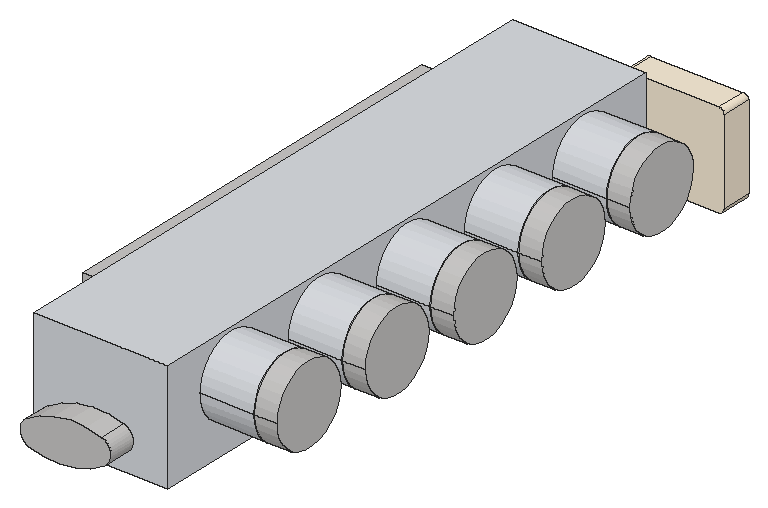
Revit family "HVAC_Ductwork_Airzone_Motorized-Plenum_Toshiba_Low-Profile_5-Dampers", category Mechanical Equipment, Revit 2016
Family settings
  Part Type = Normal
  Round Connector Dimension = Use Diameter
  OmniClass Number = 23.75.70.14
  OmniClass Title = Air Ductwork
  Work Plane-Based = No
  Always vertical = Yes
  Cut with Voids When Loaded = No
  Shared = No
  Room Calculation Point = No
Parameters (values of type "TOSSL01L5")
  Voltage = 230 V
  URL = "www.airzone.es"
  Type Image Comments = "Image available in product documentation download"  # constant formula
  Revit Model Version = "1.0"  # constant formula
  Revit Model Author URL = "www.a3d.es"
  Revit Model Author = "A3D Consulting"  # constant formula
  Product Documentation Download URL = "http://doc.airzone.es/BIM/Easyzone/Toshiba-Airzone_motorized_plenum.zip"
  Product Comments = "Refer to technical documentation for further details"  # constant formula
  Power Factor = 1
  Neck Width = 808.200 mm
  Neck Length = 40.000 mm
  Neck Height = 174.800 mm
  Material = Metal - AIRZONE - Galvanized Sheet - Semi-polished
  Main Control Board Material = Plastic - AIRZONE - Smooth - Off-white
  Load Classification = Other
  Insulated Body Width = 255.000 mm  # constant formula
  Insulated Body Material = Metal -AIRZONE - Insulating Lining -Aluminum Finish
  Insulated Body Length = 1140.000 mm  # constant formula
  Insulated Body Height = 210.000 mm  # constant formula
  Flow [instance] = Damper 5 Air Flow + Damper 4 Air Flow + Damper 3 Air Flow + Damper 2 Air Flow + Damper 1 Air Flow - Fresh Air Inlet 2 Flow - Fresh Air Inlet 1 Flow  # 1500 m³/h
  Fresh Air Inlet 1 Flow [instance] = 0 m³/h
  Fresh Air Inlet 2 Flow [instance] = 0 m³/h
  Fresh Air Inlet Connection Width = 175.000 mm
  Fresh Air Inlet Connection Height = 75.000 mm
  Model = "TOSSL01L5"
  Neck Side Offset = 165.900 mm
  Neck Bottom Offset = 17.600 mm
  Type Image = <None>
  Manufacturer = "AIRZONE"  # constant formula
  Main Control Board Depth = 57.000 mm  # constant formula
  Main Control Board Width = 195.000 mm  # constant formula
  Main Control Board Height = 180.000 mm  # constant formula
  Fixing = ""
  Disclaimer = "All information provided in this model is reviewed before being published. However, Airzone cannot guarantee this model is error-free, therefore users are strongly encouraged to check for technical documentation and updates"  # constant formula
  Description = "Airzone low profile motorized plenum with neck that mechanically adapts to the main ducted AC units of Toshiba."
  Type Comments = ""
  Dampers Length = 149.000 mm  # constant formula
  Dampers Diameter = 150.000 mm  # constant formula
  Damper 5 Air Flow [instance] = 300 m³/h
  Damper 4 Air Flow [instance] = 300 m³/h
  Damper 1 Air Flow [instance] = 300 m³/h
  Damper 2 Air Flow [instance] = 300 m³/h
  Damper 3 Air Flow [instance] = 300 m³/h
  Fresh Air Inlet Connection Offset Height = 48.305 mm  # constant formula
  Compatible Accesories = ""
  Apparent Load = 57.5 VA
Reference planes
  plane 1 "Center (Front/Back)": y = 0
  plane 2 "Center (Elevation)": z = 0
  plane 3 "Center (Left/Right)": x = 0
  plane 4 "Neck Back": y = 404.1
  plane 5 "Neck Front": y = -404.1
  plane 6 "Neck Top": z = 87.4
  plane 7 "Neck Bottom": z = -87.4
  plane 8 "Left": x = 40
  plane 9 "Bottom": z = -105
  plane 10 "Top": z = 105
  plane 11 "Front": y = -570
  plane 12 "Back": y = 570
  plane 13 "Right": x = 295
  plane 14 "Dampers Front": x = 444
  plane 15 "Dampers Center (Elevation)": z = 25
  plane 16 "Damper3": y = 0
  plane 17 "Damper2": y = 210
  plane 18 "Damper1": y = 420
  plane 19 "Middle": y = 0
  plane 20 "FreshAir Center (Elevation)": z = -56.695
  plane 21 "FreshAir1": y = 622.5
  plane 22 "FreshAir2": y = -622.5
  plane 23 "Dampers Lining": x = 399
  plane 24 "FreshAir Vertical Axis": x = 142.04
  plane 25 "ConnectionBox Side": x = 249
  plane 26 "Main Control Board Center (Left/Right)": x = 346.5
  plane 27 "Damper4": y = -210
  plane 28 "Damper5": y = -420
Forms (mm)
  Extrusion 1, solid, material "Metal - AIRZONE - Galvanized Sheet - Semi-polished" <- "Material"
    sketch origin (0, 0, 0) x (0, 1, 0) y (0, 0, 1)
      loop
        line (-404.1, 87.4) -> (-404.1, -87.4) -> (404.1, -87.4) -> (404.1, 87.4) -> (-404.1, 87.4)
    from 0 to 40
  Extrusion 2, solid, material "Metal -AIRZONE - Insulating Lining -Aluminum Finish" <- "Insulated Body Material"
    sketch origin (40, 0, 0) x (0, 1, 0) y (0, 0, 1)
      loop
        line (-570, 105) -> (-570, -105) -> (570, -105) -> (570, 105) -> (-570, 105)
    from 0 to 255
  Extrusion 3, solid, material "Metal - AIRZONE - Galvanized Sheet - Semi-polished" <- "Material"
    sketch origin (295, 0, 0) x (0, 1, 0) y (0, 0, 1)
      loop
        circle (0, 25) r 75
    from 104 to 149
  Extrusion 4, solid, material "Metal - AIRZONE - Galvanized Sheet - Semi-polished" <- "Material"
    sketch origin (295, 0, 0) x (0, 1, 0) y (0, 0, 1)
      loop
        circle (210, 25) r 75
    from 104 to 149
  Extrusion 5, solid, material "Metal - AIRZONE - Galvanized Sheet - Semi-polished" <- "Material"
    sketch origin (295, 0, 0) x (0, 1, 0) y (0, 0, 1)
      loop
        circle (420, 25) r 75
    from 104 to 149
  Extrusion 6, solid, material "Metal - AIRZONE - Galvanized Sheet - Semi-polished" <- "Material"
    sketch origin (0, -570, 0) x (0, 0, 1) y (1, 0, 0)
      loop
        arc (-24.141, 211.414) -> (-45.608, 228.315) -> (-70.312, 216.644) r 25.96
        arc (-70.312, 216.644) -> (-96.302, 146.808) -> (-88.849, 72.666) r 164.67
        arc (-88.849, 72.666) -> (-67.665, 55.799) -> (-42.994, 66.961) r 25.96
        arc (-42.994, 66.961) -> (-16.725, 136.99) -> (-24.141, 211.414) r 164.67
    from 0 to -52.5
  Extrusion 7, solid, material "Metal - AIRZONE - Galvanized Sheet - Semi-polished" <- "Material"
    sketch origin (0, 570, 0) x (0, 0, 1) y (1, 0, 0)
      loop
        arc (-24.141, 211.414) -> (-45.325, 228.281) -> (-69.996, 217.119) r 25.96
        arc (-69.996, 217.119) -> (-96.179, 147.74) -> (-89.267, 73.909) r 164.67
        arc (-89.267, 73.909) -> (-68.032, 55.847) -> (-42.678, 67.436) r 25.96
        arc (-42.678, 67.436) -> (-16.688, 137.272) -> (-24.141, 211.414) r 164.67
    from 0 to 52.5
  Extrusion 8, solid, material "Metal -AIRZONE - Insulating Lining -Aluminum Finish" <- "Insulated Body Material"
    sketch origin (295, 0, 0) x (0, 1, 0) y (0, 0, 1)
      loop
        circle (420, 25) r 75
    from 0 to 104
  Extrusion 9, solid, material "Metal -AIRZONE - Insulating Lining -Aluminum Finish" <- "Insulated Body Material"
    sketch origin (295, -260, 0) x (0, 1, 0) y (0, 0, 1)
      loop
        circle (470, 25) r 75
    from 0 to 104
  Extrusion 10, solid, material "Metal -AIRZONE - Insulating Lining -Aluminum Finish" <- "Insulated Body Material"
    sketch origin (295, -520, 0) x (0, 1, 0) y (0, 0, 1)
      loop
        circle (520, 25) r 75
    from 0 to 104
  Extrusion 11, solid, material "Metal - AIRZONE - Galvanized Sheet - Semi-polished" <- "Material"
    sketch origin (295, -190, 0) x (0, 1, 0) y (0, 0, 1)
      loop
        circle (-20, 25) r 75
    from 104 to 149
  Extrusion 12, solid, material "Metal -AIRZONE - Insulating Lining -Aluminum Finish" <- "Insulated Body Material"
    sketch origin (295, -710, 0) x (0, 1, 0) y (0, 0, 1)
      loop
        circle (500, 25) r 75
    from 0 to 104
  Extrusion 13, solid, material "Metal -AIRZONE - Insulating Lining -Aluminum Finish" <- "Insulated Body Material"
    sketch origin (295, -970, 0) x (0, 1, 0) y (0, 0, 1)
      loop
        circle (550, 25) r 75
    from 0 to 104
  Extrusion 14, solid, material "Metal - AIRZONE - Galvanized Sheet - Semi-polished" <- "Material"
    sketch origin (295, -450, 0) x (0, 1, 0) y (0, 0, 1)
      loop
        circle (30, 25) r 75
    from 104 to 149
Lines and regions (mm)
  Masking region 1
    outline origin (0, 0, 0) x (1, 0, 0) y (0, 1, 0)
      loop
        line (40, 570) -> (40, -570) -> (295, -570) -> (295, 570) -> (40, 570)
  Masking region 2, detail levels medium+fine
    outline origin (0, 0, 0) x (1, 0, 0) y (0, 1, 0)
      loop
        line (0, 404.1) -> (0, -404.1) -> (40, -404.1) -> (40, 404.1) -> (0, 404.1)
  Masking region 3, detail levels medium+fine
    outline origin (0, 0, 0) x (1, 0, 0) y (0, 1, 0)
      loop
        line (295, 75) -> (295, -75) -> (444, -75) -> (444, 75) -> (295, 75)
  Masking region 4, detail levels medium+fine
    outline origin (0, 260, 0) x (1, 0, 0) y (0, 1, 0)
      loop
        line (295, 25) -> (295, -125) -> (444, -125) -> (444, 25) -> (295, 25)
  Masking region 5, detail levels medium+fine
    outline origin (0, 520, 0) x (1, 0, 0) y (0, 1, 0)
      loop
        line (295, -25) -> (295, -175) -> (444, -175) -> (444, -25) -> (295, -25)
  Masking region 6, detail levels medium+fine
    outline origin (0, 0, -56.695) x (1, 0, 0) y (0, 1, 0)
      loop
        line (54.54, 622.5) -> (54.54, 570) -> (229.54, 570) -> (229.54, 622.5) -> (54.54, 622.5)
  Masking region 7, detail levels medium+fine
    outline origin (0, 0, -56.695) x (1, 0, 0) y (0, 1, 0)
      loop
        line (54.54, -570) -> (54.54, -622.5) -> (229.54, -622.5) -> (229.54, -570) -> (54.54, -570)
  Masking region 8, detail levels medium+fine
    outline origin (0, 0, 105) x (0, -1, 0) y (1, 0, 0)
      loop
        line (-627, 249) -> (-570, 249) -> (-570, 444) -> (-627, 444) -> (-627, 249)
  Masking region 9, detail levels medium+fine
    outline origin (0, -190, 0) x (1, 0, 0) y (0, 1, 0)
      loop
        line (295, 55) -> (295, -95) -> (444, -95) -> (444, 55) -> (295, 55)
  Masking region 10, detail levels medium+fine
    outline origin (0, -450, 0) x (1, 0, 0) y (0, 1, 0)
      loop
        line (295, 105) -> (295, -45) -> (444, -45) -> (444, 105) -> (295, 105)
  symbolic lines, detail levels coarse
    curve 1: line (40, -570, 0) -> (295, 0, 0)
    curve 2: line (295, 0, 0) -> (40, 570, 0)
Dimensions and locks
  equal spacing: plane 4 "Neck Back", plane 1 "Center (Front/Back)", plane 5 "Neck Front"
  "Neck Width": plane 4 "Neck Back" to plane 5 "Neck Front"
  equal spacing: plane 6 "Neck Top", level, plane 7 "Neck Bottom"
  "Neck Height": plane 6 "Neck Top" to plane 7 "Neck Bottom"
  "Neck Length": plane 3 "Center (Left/Right)" to plane 8 "Left"
  "Neck Bottom Offset": plane 7 "Neck Bottom" to plane 9 "Bottom"
  "Insulated Body Height": plane 10 "Top" to plane 9 "Bottom"
  "Insulated Body Length": plane 12 "Back" to plane 11 "Front"
  "Insulated Body Width": plane 8 "Left" to plane 13 "Right"
  "Dampers Length": plane 13 "Right" to plane 14 "Dampers Front"
  equal spacing: plane 12 "Back", plane 19 "Middle", plane 11 "Front"
  plane 8 "Left" to plane 13 "Right" = 255.000 mm
  "Fresh Air Inlet Connection Offset Height": plane 20 "FreshAir Center (Elevation)" to plane 9 "Bottom"
  locked: Extrusion 6 sketch curve to plane 9 "Bottom" at 56.47
  locked: Extrusion 6 sketch curve to plane 8 "Left" at 162.52
  locked: Extrusion 6 sketch curve to plane 8 "Left" at 41.56
  locked: Extrusion 6 sketch curve to plane 9 "Bottom" at 40.54
  locked: Extrusion 6 sketch curve to plane 8 "Left" at 118.3
  locked: plane 9 "Bottom" to Extrusion 6 sketch curve at 75.01
  locked: Extrusion 6 sketch curve to plane 8 "Left" at 85.78
  locked: Extrusion 6 sketch curve to plane 9 "Bottom" at 172.02
  locked: Extrusion 7 sketch curve to plane 8 "Left" at 162.52
  locked: Extrusion 7 sketch curve to plane 9 "Bottom" at 56.47
  locked: Extrusion 7 sketch curve to plane 9 "Bottom" at 40.54
  locked: Extrusion 7 sketch curve to plane 8 "Left" at 41.56
  locked: Extrusion 7 sketch curve to plane 8 "Left" at 85.78
  locked: Extrusion 7 sketch curve to plane 9 "Bottom" at 172.02
  locked: plane 9 "Bottom" to Extrusion 7 sketch curve at 75.01
  locked: Extrusion 7 sketch curve to plane 8 "Left" at 118.3
  "Neck Side Offset": plane 12 "Back" to plane 4 "Neck Back"
  locked: plane 21 "FreshAir1" to plane 12 "Back" at 52.5
  plane 11 "Front" to plane 22 "FreshAir2" = 52.500 mm
  locked: plane 24 "FreshAir Vertical Axis" to connector elem
  locked: plane 20 "FreshAir Center (Elevation)" to connector elem
  locked: connector elem to plane 24 "FreshAir Vertical Axis"
  locked: connector elem to plane 20 "FreshAir Center (Elevation)"
  locked: plane 23 "Dampers Lining" to plane 14 "Dampers Front" at 45
  locked: plane 8 "Left" to plane 24 "FreshAir Vertical Axis" at 102.04
  equal spacing: Masking region 3 sketch curve, plane 16 "Damper3", Masking region 3 sketch curve
  "Dampers Diameter": Masking region 3 sketch curve to Masking region 3 sketch curve
  "Dampers Diameter": Masking region 4 sketch curve to Masking region 4 sketch curve
  equal spacing: Masking region 5 sketch curve, plane 18 "Damper1", Masking region 5 sketch curve
  "Dampers Diameter": Masking region 5 sketch curve to Masking region 5 sketch curve
  equal spacing: Masking region 6 sketch curve, plane 24 "FreshAir Vertical Axis", Masking region 6 sketch curve
  "Fresh Air Inlet Connection Width": Masking region 6 sketch curve to Masking region 6 sketch curve
  equal spacing: Masking region 7 sketch curve, plane 24 "FreshAir Vertical Axis", Masking region 7 sketch curve
  "Fresh Air Inlet Connection Width": Masking region 7 sketch curve to Masking region 7 sketch curve
  "Main Control Board Depth": Masking region 8 sketch curve to plane 12 "Back"
  "Main Control Board Width": plane 25 "ConnectionBox Side" to plane 14 "Dampers Front"
  equal spacing: plane 25 "ConnectionBox Side", plane 26 "Main Control Board Center (Left/Right)", plane 14 "Dampers Front"
  locked: nested 1 to plane 10 "Top" at 10
  equal spacing: Masking region 4 sketch curve, plane 17 "Damper2", Masking region 4 sketch curve
  equal spacing: Masking region 9 sketch curve, plane 27 "Damper4", Masking region 9 sketch curve
  "Dampers Diameter": Masking region 9 sketch curve to Masking region 9 sketch curve
  plane 18 "Damper1" to plane 17 "Damper2" to plane 16 "Damper3" to plane 27 "Damper4" to plane 28 "Damper5" = 210.000 mm locked, 210.000 mm locked, 210.000 mm locked, 210.000 mm locked
  locked: plane 19 "Middle" to plane 16 "Damper3"
  equal spacing: Masking region 10 sketch curve, plane 28 "Damper5", Masking region 10 sketch curve
  "Dampers Diameter": Masking region 10 sketch curve to Masking region 10 sketch curve
  locked: plane 10 "Top" to plane 15 "Dampers Center (Elevation)" at 80
  "Dampers Diameter": diameter of Extrusion 3 sketch curve
  "Dampers Diameter": diameter of Extrusion 4 sketch curve
  "Dampers Diameter": diameter of Extrusion 5 sketch curve
  radius of Extrusion 7 sketch curve = 164.670 mm  (x2)
  radius of Extrusion 7 sketch curve = 25.960 mm  (x2)
  radius of Extrusion 6 sketch curve = 164.670 mm  (x2)
  radius of Extrusion 6 sketch curve = 25.960 mm  (x2)
  "Dampers Diameter": diameter of Extrusion 8 sketch curve
  "Dampers Diameter": diameter of Extrusion 9 sketch curve
  "Dampers Diameter": diameter of Extrusion 10 sketch curve
  "Dampers Diameter": diameter of Extrusion 11 sketch curve
  "Dampers Diameter": diameter of Extrusion 12 sketch curve
  "Dampers Diameter": diameter of Extrusion 13 sketch curve
  "Dampers Diameter": diameter of Extrusion 14 sketch curve
  aligned and locked: level to plane 2 "Center (Elevation)"
  aligned and locked: plane 5 "Neck Front" to Extrusion 1 sketch curve
  aligned and locked: Extrusion 1 sketch curve to plane 6 "Neck Top"
  aligned and locked: Extrusion 1 sketch curve to plane 4 "Neck Back"
  aligned and locked: plane 7 "Neck Bottom" to Extrusion 1 sketch curve
  aligned and locked: Extrusion 1 to plane 3 "Center (Left/Right)"
  aligned and locked: Extrusion 2 sketch curve to plane 10 "Top"
  aligned and locked: Extrusion 2 sketch curve to plane 12 "Back"
  aligned and locked: plane 9 "Bottom" to Extrusion 2 sketch curve
  aligned and locked: plane 11 "Front" to Extrusion 2 sketch curve
  aligned and locked: plane 13 "Right" to Extrusion 2
  aligned and locked: Extrusion 2 to plane 8 "Left"
  aligned and locked: plane 16 "Damper3" to Extrusion 3 sketch curve
  aligned and locked: plane 15 "Dampers Center (Elevation)" to Extrusion 3 sketch curve
  aligned and locked: plane 15 "Dampers Center (Elevation)" to Extrusion 4 sketch curve
  aligned and locked: plane 18 "Damper1" to Extrusion 5 sketch curve
  aligned and locked: plane 15 "Dampers Center (Elevation)" to Extrusion 5 sketch curve
  aligned and locked: plane 14 "Dampers Front" to Extrusion 5
  aligned and locked: plane 14 "Dampers Front" to Extrusion 4
  aligned and locked: plane 14 "Dampers Front" to Extrusion 3
  aligned and locked: plane 8 "Left" to Extrusion 1
  aligned and locked: plane 22 "FreshAir2" to Extrusion 6
  aligned and locked: plane 21 "FreshAir1" to Extrusion 7
  aligned and locked: Extrusion 7 to plane 12 "Back"
  aligned and locked: plane 11 "Front" to Extrusion 6
  aligned and locked: Extrusion 5 to plane 23 "Dampers Lining"
  aligned and locked: Extrusion 5 to Extrusion 4
  aligned and locked: Extrusion 4 to Extrusion 3
  aligned and locked: plane 23 "Dampers Lining" to Extrusion 8
  aligned and locked: Extrusion 10 to plane 13 "Right"
  aligned and locked: plane 23 "Dampers Lining" to Extrusion 10
  aligned and locked: Extrusion 9 to plane 13 "Right"
  aligned and locked: plane 23 "Dampers Lining" to Extrusion 9
  aligned and locked: Extrusion 8 to plane 13 "Right"
  aligned and locked: Extrusion 9 to Extrusion 8
  aligned and locked: plane 18 "Damper1" to Extrusion 8 sketch curve
  aligned and locked: plane 15 "Dampers Center (Elevation)" to Extrusion 8 sketch curve
  aligned and locked: plane 15 "Dampers Center (Elevation)" to Extrusion 9 sketch curve
  aligned and locked: plane 16 "Damper3" to Extrusion 10 sketch curve
  aligned and locked: plane 15 "Dampers Center (Elevation)" to Extrusion 10 sketch curve
  aligned and locked: Masking region 1 sketch curve to plane 12 "Back"
  aligned and locked: plane 8 "Left" to Masking region 1 sketch curve
  aligned and locked: Masking region 1 sketch curve to plane 13 "Right"
  aligned and locked: plane 11 "Front" to Masking region 1 sketch curve
  aligned and locked: plane 5 "Neck Front" to Masking region 2 sketch curve
  aligned and locked: plane 3 "Center (Left/Right)" to Masking region 2 sketch curve
  aligned and locked: Masking region 2 sketch curve to plane 4 "Neck Back"
  aligned and locked: Masking region 2 sketch curve to plane 8 "Left"
  aligned and locked: plane 13 "Right" to Masking region 3 sketch curve
  aligned and locked: Masking region 3 sketch curve to plane 14 "Dampers Front"
  aligned and locked: plane 13 "Right" to Masking region 4 sketch curve
  aligned and locked: Masking region 4 sketch curve to plane 14 "Dampers Front"
  aligned and locked: plane 13 "Right" to Masking region 5 sketch curve
  aligned and locked: Masking region 5 sketch curve to plane 14 "Dampers Front"
  aligned and locked: plane 12 "Back" to Masking region 6 sketch curve
  aligned and locked: Masking region 6 sketch curve to plane 21 "FreshAir1"
  aligned and locked: Masking region 7 sketch curve to plane 11 "Front"
  aligned and locked: Masking region 7 sketch curve to plane 22 "FreshAir2"
  aligned and locked: plane 12 "Back" to Masking region 8 sketch curve
  aligned and locked: Masking region 8 sketch curve to plane 14 "Dampers Front"
  aligned and locked: plane 25 "ConnectionBox Side" to Masking region 8 sketch curve
  aligned and locked: plane 17 "Damper2" to Extrusion 9 sketch curve
  aligned and locked: plane 17 "Damper2" to Extrusion 4 sketch curve
  aligned and locked: Masking region 9 sketch curve to plane 14 "Dampers Front"
  aligned and locked: plane 13 "Right" to Masking region 9 sketch curve
  aligned and locked: Extrusion 12 to plane 13 "Right"
  aligned and locked: plane 23 "Dampers Lining" to Extrusion 12
  aligned and locked: Extrusion 11 to plane 23 "Dampers Lining"
  aligned and locked: plane 14 "Dampers Front" to Extrusion 11
  aligned and locked: plane 15 "Dampers Center (Elevation)" to Extrusion 12 sketch curve
  aligned and locked: plane 27 "Damper4" to Extrusion 12 sketch curve
  aligned and locked: plane 15 "Dampers Center (Elevation)" to Extrusion 11 sketch curve
  aligned and locked: plane 27 "Damper4" to Extrusion 11 sketch curve
  aligned and locked: Masking region 10 sketch curve to plane 14 "Dampers Front"
  aligned and locked: plane 13 "Right" to Masking region 10 sketch curve
  aligned and locked: plane 28 "Damper5" to Extrusion 13 sketch curve
  aligned and locked: plane 15 "Dampers Center (Elevation)" to Extrusion 13 sketch curve
  aligned and locked: Extrusion 14 to plane 23 "Dampers Lining"
  aligned and locked: plane 14 "Dampers Front" to Extrusion 14
  aligned and locked: plane 15 "Dampers Center (Elevation)" to Extrusion 14 sketch curve
  aligned and locked: plane 28 "Damper5" to Extrusion 14 sketch curve
  aligned and locked: nested 1 to plane 26 "Main Control Board Center (Left/Right)"
Automatic sketch dimensions
  curve 2 to plane 8 "Left" = 0.000 mm
  curve 1 to plane 8 "Left" = 0.000 mm
  curve 2 to plane 13 "Right" = 0.000 mm
  curve 1 to plane 11 "Front" = 0.000 mm
  curve 2 to plane 16 "Damper3" = 0.000 mm
  curve 2 to plane 12 "Back" = 0.000 mm
Nested families
  nested 1: "Airzone_Main-Control-Board" at (346.5, 570, 5) x (-1, 0, 0) z (0, 1, 0), Extrusion <- "Main Control Board Depth", Height <- "Main Control Board Height", Width <- "Main Control Board Width", Material <- "Main Control Board Material", type "Standard"
    with Width 195.000 mm, Material Plastic - AIRZONE - Smooth - Off-white, Height 180.000 mm, Extrusion 57.000 mm
Connectors
  hvac at (444, 0, 25), driven by "Damper 3 Air Flow", driven by "Dampers Diameter"
    settings: on Extrusion 3, index 1, duct flow 300 m³/h, flow factor 0, pres drop 0.0 Pa, loss coef 0, conn angle 0.00°, conn width 304.8 mm, conn height 304.8 mm, conn diameter 150 mm, duct sys type 1, conn prof type 0, flow config 0, flow direction 2, loss method 0, conn ref index -1, conn util no, is conn primary no, conn desc "Supply Air Out 3"
  hvac at (444, 210, 25), driven by "Damper 2 Air Flow", driven by "Dampers Diameter"
    settings: on Extrusion 4, index 2, duct flow 300 m³/h, flow factor 0, pres drop 0.0 Pa, loss coef 0, conn angle 0.00°, conn width 304.8 mm, conn height 304.8 mm, conn diameter 150 mm, duct sys type 1, conn prof type 0, flow config 0, flow direction 2, loss method 0, conn ref index -1, conn util no, is conn primary no, conn desc "Supply Air Out 2"
  hvac at (444, 420, 25), driven by "Damper 1 Air Flow", driven by "Dampers Diameter"
    settings: on Extrusion 5, index 3, duct flow 300 m³/h, flow factor 0, pres drop 0.0 Pa, loss coef 0, conn angle 0.00°, conn width 304.8 mm, conn height 304.8 mm, conn diameter 150 mm, duct sys type 1, conn prof type 0, flow config 0, flow direction 2, loss method 0, conn ref index -1, conn util no, is conn primary no, conn desc "Supply Air Out 1"
  hvac at (0, 0, 0), driven by "Flow", driven by "Neck Height", driven by "Neck Width"
    settings: on Extrusion 1, index 6, duct flow 1500 m³/h, flow factor 0, pres drop 0.0 Pa, loss coef 0, conn angle 0.00°, conn width 808.2 mm, conn height 174.8 mm, conn diameter 609.6 mm, duct sys type 1, conn prof type 1, flow config 1, flow direction 1, loss method 0, conn ref index -1, conn util no, is conn primary yes, conn desc "Supply Air In"
  hvac at (142.04, -622.5, -56.695), driven by "Fresh Air Inlet 2 Flow", driven by "Fresh Air Inlet Connection Width", driven by "Fresh Air Inlet Connection Height"
    settings: index 7, duct flow 0 m³/h, flow factor 0, pres drop 0.0 Pa, loss coef 0, conn angle 0.00°, conn width 175 mm, conn height 75 mm, conn diameter 609.6 mm, duct sys type 1, conn prof type 2, flow config 1, flow direction 1, loss method 0, conn ref index -1, conn util no, is conn primary no, conn desc "Fresh Air In 2"
  hvac at (142.04, 622.5, -56.695), driven by "Fresh Air Inlet 1 Flow", driven by "Fresh Air Inlet Connection Height", driven by "Fresh Air Inlet Connection Width"
    settings: index 8, duct flow 0 m³/h, flow factor 0, pres drop 0.0 Pa, loss coef 0, conn angle 0.00°, conn width 175 mm, conn height 75 mm, conn diameter 609.6 mm, duct sys type 1, conn prof type 2, flow config 1, flow direction 1, loss method 0, conn ref index -1, conn util no, is conn primary no, conn desc "Fresh Air In 1"
  hvac at (444, -210, 25), driven by "Damper 4 Air Flow", driven by "Dampers Diameter"
    settings: on Extrusion 11, index 9, duct flow 300 m³/h, flow factor 0, pres drop 0.0 Pa, loss coef 0, conn angle 0.00°, conn width 304.8 mm, conn height 304.8 mm, conn diameter 150 mm, duct sys type 1, conn prof type 0, flow config 0, flow direction 2, loss method 0, conn ref index -1, conn util no, is conn primary no, conn desc "Supply Air Out 4"
  hvac at (444, -420, 25), driven by "Damper 5 Air Flow", driven by "Dampers Diameter"
    settings: on Extrusion 14, index 10, duct flow 300 m³/h, flow factor 0, pres drop 0.0 Pa, loss coef 0, conn angle 0.00°, conn width 304.8 mm, conn height 304.8 mm, conn diameter 150 mm, duct sys type 1, conn prof type 0, flow config 0, flow direction 2, loss method 0, conn ref index -1, conn util no, is conn primary no, conn desc "Supply Air Out 5"
  electrical at (346.5, 627, 5), driven by "Load Classification", driven by "Voltage", driven by "Apparent Load", driven by "Power Factor"
    settings: on nested 1, index 11, voltage 230 V, apparent load 57.5 VA, apparent load phase1 0 VA, apparent load phase2 0 VA, apparent load phase3 0 VA, power factor 1, load classification "Other", number of poles 1, system type 30, power factor state 1, is connector primary yes, connector utility no, sub classification motor no, connector description "Power Supply"
Definition of nested family "Airzone_Main-Control-Board"
  Parameters (values of type "Standard")
    Width [instance] = 195.000 mm
    URL = "www.airzone.es"
    Revit Model Version = "1.0"  # constant formula
    Revit Model Author URL = "www.a3d.es"
    Revit Model Author = "A3D Consulting"  # constant formula
    Material [instance] = none
    Manufacturer = "AIRZONE"  # constant formula
    Height [instance] = 180.000 mm
    Extrusion [instance] = 57.000 mm
    Default Elevation = 0.000 mm
  Reference planes
    plane 1 "Center (Front/Back)": y = 0
    plane 2: z = 0
    plane 3 "Center (Left/Right)": x = 0
    plane 4: y = 90
    plane 5: y = -90
    plane 6: x = 97.5
    plane 7: x = -97.5
  Forms (mm)
    Extrusion 1, solid, material <- "Material"
      sketch origin (0, 0, 0) x (1, 0, 0) y (0, 1, 0)
        loop
          arc (-87.5, 90) -> (-94.571, 87.071) -> (-97.5, 80) r 10
          line (-97.5, 80) -> (-97.5, -80)
          arc (-97.5, -80) -> (-94.571, -87.071) -> (-87.5, -90) r 10
          line (-87.5, -90) -> (87.5, -90)
          arc (87.5, -90) -> (94.571, -87.071) -> (97.5, -80) r 10
          line (97.5, -80) -> (97.5, 80)
          arc (97.5, 80) -> (94.571, 87.071) -> (87.5, 90) r 10
          line (87.5, 90) -> (-87.5, 90)
      from 0 to 57 <- "Extrusion"
  Dimensions and locks
    equal spacing: plane 7, plane 3 "Center (Left/Right)", plane 6
    equal spacing: plane 4, plane 1 "Center (Front/Back)", plane 5
    "Width": plane 7 to plane 6
    "Height": plane 4 to plane 5
    radius of Extrusion 1 sketch curve = 10.000 mm  (x4)
    aligned and locked: level to plane 2
    aligned and locked: plane 5 to Extrusion 1 sketch curve
    aligned and locked: Extrusion 1 sketch curve to plane 6
    aligned and locked: Extrusion 1 sketch curve to plane 4
    aligned and locked: plane 7 to Extrusion 1 sketch curve
